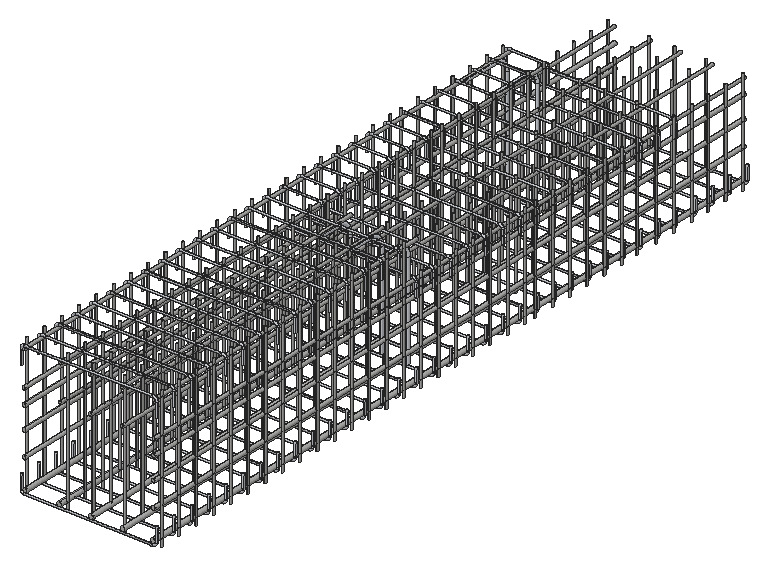
Revit family "261_Каркас пространственный КП4", category Обобщенные модели, Revit 2016 (continued)
Definition of nested family "261_Каркас плоский КР 30"
  Nested families
    nested 28: "361_Арматурная форма 1" at (3885, 500, 0) x (0, 1, 0) z (0, 0, 1), Орг.ИдентификацияЭлемента1 <- "Орг.ИдентификацияЭлемента1", Орг.ИдентификацияЭлемента <- "Орг.ИдентификацияЭлемента", Мрк.МаркаКонструкции <- "Мрк.МаркаКонструкции", Мрк.МаркаИзделия3 <- "Мрк.МаркаИзделия3", Мрк.МаркаИзделия2 <- "Мрк.МаркаИзделия2", Мрк.МаркаИзделия1 <- "Мрк.МаркаИзделия1", Мрк.МаркаИзделия <- "Мрк.МаркаИзделия", Орг.УровеньТекстовый <- "Орг.УровеньТекстовый", Орг.ОбознчТома(Комплекта) <- "Орг.ОбознчТома(Комплекта)", Орг.НомерЛистаЭлемента <- "Орг.НомерЛистаЭлемента", type "Параметрический"
      with Рзм.Длина 970 mm, Рзм.Диаметр 12 mm, Орг.УровеньТекстовый "", Орг.ОбознчТома(Комплекта) "", Орг.НомерЛистаЭлемента "", Орг.ИзделиеТипПодсчета 2, Орг.ИдентификацияЭлемента1 "", Орг.ИдентификацияЭлемента "", Мрк.Обозначение "ГОСТ 5781-82", Мрк.Наименование "Ø12 А240 ГОСТ 5781-82", Мрк.МаркаКонструкции "", Мрк.МаркаИзделия3 "", Мрк.МаркаИзделия2 "", Мрк.МаркаИзделия1 "", Мрк.МаркаИзделия "", Мрк.Марка "6", Арм.РазмерR 0 mm, Арм.РазмерJ 0 mm, Арм.РазмерG 0 mm, Арм.РазмерF 0 mm, Арм.РазмерE 0 mm, Арм.РазмерD 0 mm, Арм.РазмерC 0 mm, Арм.РазмерB 0 mm, Арм.РазмерA 970 mm, Арм.ПогМетрыВкл no, Арм.КоэфНахлеста 1, Арм.Класс 1240
    nested 29: "361_Арматурная форма 1" at (4035, 500, 0) x (0, 1, 0) z (0, 0, 1), Орг.ИдентификацияЭлемента1 <- "Орг.ИдентификацияЭлемента1", Орг.ИдентификацияЭлемента <- "Орг.ИдентификацияЭлемента", Мрк.МаркаКонструкции <- "Мрк.МаркаКонструкции", Мрк.МаркаИзделия3 <- "Мрк.МаркаИзделия3", Мрк.МаркаИзделия2 <- "Мрк.МаркаИзделия2", Мрк.МаркаИзделия1 <- "Мрк.МаркаИзделия1", Мрк.МаркаИзделия <- "Мрк.МаркаИзделия", Орг.УровеньТекстовый <- "Орг.УровеньТекстовый", Орг.ОбознчТома(Комплекта) <- "Орг.ОбознчТома(Комплекта)", Орг.НомерЛистаЭлемента <- "Орг.НомерЛистаЭлемента", type "Параметрический"
      with Рзм.Длина 970 mm, Рзм.Диаметр 12 mm, Орг.УровеньТекстовый "", Орг.ОбознчТома(Комплекта) "", Орг.НомерЛистаЭлемента "", Орг.ИзделиеТипПодсчета 2, Орг.ИдентификацияЭлемента1 "", Орг.ИдентификацияЭлемента "", Мрк.Обозначение "ГОСТ 5781-82", Мрк.Наименование "Ø12 А240 ГОСТ 5781-82", Мрк.МаркаКонструкции "", Мрк.МаркаИзделия3 "", Мрк.МаркаИзделия2 "", Мрк.МаркаИзделия1 "", Мрк.МаркаИзделия "", Мрк.Марка "6", Арм.РазмерR 0 mm, Арм.РазмерJ 0 mm, Арм.РазмерG 0 mm, Арм.РазмерF 0 mm, Арм.РазмерE 0 mm, Арм.РазмерD 0 mm, Арм.РазмерC 0 mm, Арм.РазмерB 0 mm, Арм.РазмерA 970 mm, Арм.ПогМетрыВкл no, Арм.КоэфНахлеста 1, Арм.Класс 1240
    nested 30: "361_Арматурная форма 1" at (4170, 500, 0) x (0, 1, 0) z (0, 0, 1), Орг.ИдентификацияЭлемента1 <- "Орг.ИдентификацияЭлемента1", Орг.ИдентификацияЭлемента <- "Орг.ИдентификацияЭлемента", Мрк.МаркаКонструкции <- "Мрк.МаркаКонструкции", Мрк.МаркаИзделия3 <- "Мрк.МаркаИзделия3", Мрк.МаркаИзделия2 <- "Мрк.МаркаИзделия2", Мрк.МаркаИзделия1 <- "Мрк.МаркаИзделия1", Мрк.МаркаИзделия <- "Мрк.МаркаИзделия", Орг.УровеньТекстовый <- "Орг.УровеньТекстовый", Орг.ОбознчТома(Комплекта) <- "Орг.ОбознчТома(Комплекта)", Орг.НомерЛистаЭлемента <- "Орг.НомерЛистаЭлемента", type "Параметрический"
      with Рзм.Длина 970 mm, Рзм.Диаметр 12 mm, Орг.УровеньТекстовый "", Орг.ОбознчТома(Комплекта) "", Орг.НомерЛистаЭлемента "", Орг.ИзделиеТипПодсчета 2, Орг.ИдентификацияЭлемента1 "", Орг.ИдентификацияЭлемента "", Мрк.Обозначение "ГОСТ 5781-82", Мрк.Наименование "Ø12 А240 ГОСТ 5781-82", Мрк.МаркаКонструкции "", Мрк.МаркаИзделия3 "", Мрк.МаркаИзделия2 "", Мрк.МаркаИзделия1 "", Мрк.МаркаИзделия "", Мрк.Марка "6", Арм.РазмерR 0 mm, Арм.РазмерJ 0 mm, Арм.РазмерG 0 mm, Арм.РазмерF 0 mm, Арм.РазмерE 0 mm, Арм.РазмерD 0 mm, Арм.РазмерC 0 mm, Арм.РазмерB 0 mm, Арм.РазмерA 970 mm, Арм.ПогМетрыВкл no, Арм.КоэфНахлеста 1, Арм.Класс 1240
    nested 31: "361_Арматурная форма 1" at (4335, 377.5, 0) x (0, 1, 0) z (0, 0, 1), Орг.ИдентификацияЭлемента1 <- "Орг.ИдентификацияЭлемента1", Орг.ИдентификацияЭлемента <- "Орг.ИдентификацияЭлемента", Мрк.МаркаКонструкции <- "Мрк.МаркаКонструкции", Мрк.МаркаИзделия3 <- "Мрк.МаркаИзделия3", Мрк.МаркаИзделия2 <- "Мрк.МаркаИзделия2", Мрк.МаркаИзделия1 <- "Мрк.МаркаИзделия1", Мрк.МаркаИзделия <- "Мрк.МаркаИзделия", Орг.УровеньТекстовый <- "Орг.УровеньТекстовый", Орг.ОбознчТома(Комплекта) <- "Орг.ОбознчТома(Комплекта)", Орг.НомерЛистаЭлемента <- "Орг.НомерЛистаЭлемента", type "Параметрический"
      with Рзм.Длина 725 mm, Рзм.Диаметр 12 mm, Орг.УровеньТекстовый "", Орг.ОбознчТома(Комплекта) "", Орг.НомерЛистаЭлемента "", Орг.ИзделиеТипПодсчета 2, Орг.ИдентификацияЭлемента1 "", Орг.ИдентификацияЭлемента "", Мрк.Обозначение "ГОСТ 5781-82", Мрк.Наименование "Ø12 А240 ГОСТ 5781-82", Мрк.МаркаКонструкции "", Мрк.МаркаИзделия3 "", Мрк.МаркаИзделия2 "", Мрк.МаркаИзделия1 "", Мрк.МаркаИзделия "", Мрк.Марка "5", Арм.РазмерR 0 mm, Арм.РазмерJ 0 mm, Арм.РазмерG 0 mm, Арм.РазмерF 0 mm, Арм.РазмерE 0 mm, Арм.РазмерD 0 mm, Арм.РазмерC 0 mm, Арм.РазмерB 0 mm, Арм.РазмерA 725 mm, Арм.ПогМетрыВкл no, Арм.КоэфНахлеста 1, Арм.Класс 1240
    nested 32: "361_Арматурная форма 1" at (4485, 377.5, 0) x (0, 1, 0) z (0, 0, 1), Орг.ИдентификацияЭлемента1 <- "Орг.ИдентификацияЭлемента1", Орг.ИдентификацияЭлемента <- "Орг.ИдентификацияЭлемента", Мрк.МаркаКонструкции <- "Мрк.МаркаКонструкции", Мрк.МаркаИзделия3 <- "Мрк.МаркаИзделия3", Мрк.МаркаИзделия2 <- "Мрк.МаркаИзделия2", Мрк.МаркаИзделия1 <- "Мрк.МаркаИзделия1", Мрк.МаркаИзделия <- "Мрк.МаркаИзделия", Орг.УровеньТекстовый <- "Орг.УровеньТекстовый", Орг.ОбознчТома(Комплекта) <- "Орг.ОбознчТома(Комплекта)", Орг.НомерЛистаЭлемента <- "Орг.НомерЛистаЭлемента", type "Параметрический"
      with Рзм.Длина 725 mm, Рзм.Диаметр 12 mm, Орг.УровеньТекстовый "", Орг.ОбознчТома(Комплекта) "", Орг.НомерЛистаЭлемента "", Орг.ИзделиеТипПодсчета 2, Орг.ИдентификацияЭлемента1 "", Орг.ИдентификацияЭлемента "", Мрк.Обозначение "ГОСТ 5781-82", Мрк.Наименование "Ø12 А240 ГОСТ 5781-82", Мрк.МаркаКонструкции "", Мрк.МаркаИзделия3 "", Мрк.МаркаИзделия2 "", Мрк.МаркаИзделия1 "", Мрк.МаркаИзделия "", Мрк.Марка "5", Арм.РазмерR 0 mm, Арм.РазмерJ 0 mm, Арм.РазмерG 0 mm, Арм.РазмерF 0 mm, Арм.РазмерE 0 mm, Арм.РазмерD 0 mm, Арм.РазмерC 0 mm, Арм.РазмерB 0 mm, Арм.РазмерA 725 mm, Арм.ПогМетрыВкл no, Арм.КоэфНахлеста 1, Арм.Класс 1240
    nested 33: "361_Арматурная форма 1" at (4645, 377.5, 0) x (0, 1, 0) z (0, 0, 1), Орг.ИдентификацияЭлемента1 <- "Орг.ИдентификацияЭлемента1", Орг.ИдентификацияЭлемента <- "Орг.ИдентификацияЭлемента", Мрк.МаркаКонструкции <- "Мрк.МаркаКонструкции", Мрк.МаркаИзделия3 <- "Мрк.МаркаИзделия3", Мрк.МаркаИзделия2 <- "Мрк.МаркаИзделия2", Мрк.МаркаИзделия1 <- "Мрк.МаркаИзделия1", Мрк.МаркаИзделия <- "Мрк.МаркаИзделия", Орг.УровеньТекстовый <- "Орг.УровеньТекстовый", Орг.ОбознчТома(Комплекта) <- "Орг.ОбознчТома(Комплекта)", Орг.НомерЛистаЭлемента <- "Орг.НомерЛистаЭлемента", type "Параметрический"
      with Рзм.Длина 725 mm, Рзм.Диаметр 12 mm, Орг.УровеньТекстовый "", Орг.ОбознчТома(Комплекта) "", Орг.НомерЛистаЭлемента "", Орг.ИзделиеТипПодсчета 2, Орг.ИдентификацияЭлемента1 "", Орг.ИдентификацияЭлемента "", Мрк.Обозначение "ГОСТ 5781-82", Мрк.Наименование "Ø12 А240 ГОСТ 5781-82", Мрк.МаркаКонструкции "", Мрк.МаркаИзделия3 "", Мрк.МаркаИзделия2 "", Мрк.МаркаИзделия1 "", Мрк.МаркаИзделия "", Мрк.Марка "5", Арм.РазмерR 0 mm, Арм.РазмерJ 0 mm, Арм.РазмерG 0 mm, Арм.РазмерF 0 mm, Арм.РазмерE 0 mm, Арм.РазмерD 0 mm, Арм.РазмерC 0 mm, Арм.РазмерB 0 mm, Арм.РазмерA 725 mm, Арм.ПогМетрыВкл no, Арм.КоэфНахлеста 1, Арм.Класс 1240
    nested 34: "361_Арматурная форма 1" at (4785, 377.5, 0) x (0, 1, 0) z (0, 0, 1), Орг.ИдентификацияЭлемента1 <- "Орг.ИдентификацияЭлемента1", Орг.ИдентификацияЭлемента <- "Орг.ИдентификацияЭлемента", Мрк.МаркаКонструкции <- "Мрк.МаркаКонструкции", Мрк.МаркаИзделия3 <- "Мрк.МаркаИзделия3", Мрк.МаркаИзделия2 <- "Мрк.МаркаИзделия2", Мрк.МаркаИзделия1 <- "Мрк.МаркаИзделия1", Мрк.МаркаИзделия <- "Мрк.МаркаИзделия", Орг.УровеньТекстовый <- "Орг.УровеньТекстовый", Орг.ОбознчТома(Комплекта) <- "Орг.ОбознчТома(Комплекта)", Орг.НомерЛистаЭлемента <- "Орг.НомерЛистаЭлемента", type "Параметрический"
      with Рзм.Длина 725 mm, Рзм.Диаметр 12 mm, Орг.УровеньТекстовый "", Орг.ОбознчТома(Комплекта) "", Орг.НомерЛистаЭлемента "", Орг.ИзделиеТипПодсчета 2, Орг.ИдентификацияЭлемента1 "", Орг.ИдентификацияЭлемента "", Мрк.Обозначение "ГОСТ 5781-82", Мрк.Наименование "Ø12 А240 ГОСТ 5781-82", Мрк.МаркаКонструкции "", Мрк.МаркаИзделия3 "", Мрк.МаркаИзделия2 "", Мрк.МаркаИзделия1 "", Мрк.МаркаИзделия "", Мрк.Марка "5", Арм.РазмерR 0 mm, Арм.РазмерJ 0 mm, Арм.РазмерG 0 mm, Арм.РазмерF 0 mm, Арм.РазмерE 0 mm, Арм.РазмерD 0 mm, Арм.РазмерC 0 mm, Арм.РазмерB 0 mm, Арм.РазмерA 725 mm, Арм.ПогМетрыВкл no, Арм.КоэфНахлеста 1, Арм.Класс 1240
    nested 35: "361_Арматурная форма 1" at (4935, 377.5, 0) x (0, 1, 0) z (0, 0, 1), Орг.ИдентификацияЭлемента1 <- "Орг.ИдентификацияЭлемента1", Орг.ИдентификацияЭлемента <- "Орг.ИдентификацияЭлемента", Мрк.МаркаКонструкции <- "Мрк.МаркаКонструкции", Мрк.МаркаИзделия3 <- "Мрк.МаркаИзделия3", Мрк.МаркаИзделия2 <- "Мрк.МаркаИзделия2", Мрк.МаркаИзделия1 <- "Мрк.МаркаИзделия1", Мрк.МаркаИзделия <- "Мрк.МаркаИзделия", Орг.УровеньТекстовый <- "Орг.УровеньТекстовый", Орг.ОбознчТома(Комплекта) <- "Орг.ОбознчТома(Комплекта)", Орг.НомерЛистаЭлемента <- "Орг.НомерЛистаЭлемента", type "Параметрический"
      with Рзм.Длина 725 mm, Рзм.Диаметр 12 mm, Орг.УровеньТекстовый "", Орг.ОбознчТома(Комплекта) "", Орг.НомерЛистаЭлемента "", Орг.ИзделиеТипПодсчета 2, Орг.ИдентификацияЭлемента1 "", Орг.ИдентификацияЭлемента "", Мрк.Обозначение "ГОСТ 5781-82", Мрк.Наименование "Ø12 А240 ГОСТ 5781-82", Мрк.МаркаКонструкции "", Мрк.МаркаИзделия3 "", Мрк.МаркаИзделия2 "", Мрк.МаркаИзделия1 "", Мрк.МаркаИзделия "", Мрк.Марка "5", Арм.РазмерR 0 mm, Арм.РазмерJ 0 mm, Арм.РазмерG 0 mm, Арм.РазмерF 0 mm, Арм.РазмерE 0 mm, Арм.РазмерD 0 mm, Арм.РазмерC 0 mm, Арм.РазмерB 0 mm, Арм.РазмерA 725 mm, Арм.ПогМетрыВкл no, Арм.КоэфНахлеста 1, Арм.Класс 1240
    nested 36: "361_Арматурная форма 1" at (5085, 377.5, 0) x (0, 1, 0) z (0, 0, 1), Орг.ИдентификацияЭлемента1 <- "Орг.ИдентификацияЭлемента1", Орг.ИдентификацияЭлемента <- "Орг.ИдентификацияЭлемента", Мрк.МаркаКонструкции <- "Мрк.МаркаКонструкции", Мрк.МаркаИзделия3 <- "Мрк.МаркаИзделия3", Мрк.МаркаИзделия2 <- "Мрк.МаркаИзделия2", Мрк.МаркаИзделия1 <- "Мрк.МаркаИзделия1", Мрк.МаркаИзделия <- "Мрк.МаркаИзделия", Орг.УровеньТекстовый <- "Орг.УровеньТекстовый", Орг.ОбознчТома(Комплекта) <- "Орг.ОбознчТома(Комплекта)", Орг.НомерЛистаЭлемента <- "Орг.НомерЛистаЭлемента", type "Параметрический"
      with Рзм.Длина 725 mm, Рзм.Диаметр 12 mm, Орг.УровеньТекстовый "", Орг.ОбознчТома(Комплекта) "", Орг.НомерЛистаЭлемента "", Орг.ИзделиеТипПодсчета 2, Орг.ИдентификацияЭлемента1 "", Орг.ИдентификацияЭлемента "", Мрк.Обозначение "ГОСТ 5781-82", Мрк.Наименование "Ø12 А240 ГОСТ 5781-82", Мрк.МаркаКонструкции "", Мрк.МаркаИзделия3 "", Мрк.МаркаИзделия2 "", Мрк.МаркаИзделия1 "", Мрк.МаркаИзделия "", Мрк.Марка "5", Арм.РазмерR 0 mm, Арм.РазмерJ 0 mm, Арм.РазмерG 0 mm, Арм.РазмерF 0 mm, Арм.РазмерE 0 mm, Арм.РазмерD 0 mm, Арм.РазмерC 0 mm, Арм.РазмерB 0 mm, Арм.РазмерA 725 mm, Арм.ПогМетрыВкл no, Арм.КоэфНахлеста 1, Арм.Класс 1240
    nested 37: "361_Арматурная форма 1" at (2112.5, 940, -16) x (-1, 0, 0) z (0, 0, 1), Орг.ИдентификацияЭлемента1 <- "Орг.ИдентификацияЭлемента1", Орг.ИдентификацияЭлемента <- "Орг.ИдентификацияЭлемента", Мрк.МаркаКонструкции <- "Мрк.МаркаКонструкции", Мрк.МаркаИзделия3 <- "Мрк.МаркаИзделия3", Мрк.МаркаИзделия2 <- "Мрк.МаркаИзделия2", Мрк.МаркаИзделия1 <- "Мрк.МаркаИзделия1", Мрк.МаркаИзделия <- "Мрк.МаркаИзделия", Орг.УровеньТекстовый <- "Орг.УровеньТекстовый", Орг.ОбознчТома(Комплекта) <- "Орг.ОбознчТома(Комплекта)", Орг.НомерЛистаЭлемента <- "Орг.НомерЛистаЭлемента", type "Параметрический"
      with Рзм.Длина 4225 mm, Рзм.Диаметр 20 mm, Орг.УровеньТекстовый "", Орг.ОбознчТома(Комплекта) "", Орг.НомерЛистаЭлемента "", Орг.ИзделиеТипПодсчета 2, Орг.ИдентификацияЭлемента1 "", Орг.ИдентификацияЭлемента "", Мрк.Обозначение "ГОСТ 5781-82", Мрк.Наименование "Ø20 А240 ГОСТ 5781-82", Мрк.МаркаКонструкции "", Мрк.МаркаИзделия3 "", Мрк.МаркаИзделия2 "", Мрк.МаркаИзделия1 "", Мрк.МаркаИзделия "", Мрк.Марка "4", Арм.РазмерR 0 mm, Арм.РазмерJ 0 mm, Арм.РазмерG 0 mm, Арм.РазмерF 0 mm, Арм.РазмерE 0 mm, Арм.РазмерD 0 mm, Арм.РазмерC 0 mm, Арм.РазмерB 0 mm, Арм.РазмерA 4225 mm, Арм.ПогМетрыВкл no, Арм.КоэфНахлеста 1, Арм.Класс 1240
    nested 38: "361_Арматурная форма 1" at (125, 500, 0) x (-1, 0, 0) z (0, 0, 1), type "Параметрический", not visible
      with Рзм.Длина 4225 mm, Рзм.Диаметр 10 mm, Орг.УровеньТекстовый "", Орг.ОбознчТома(Комплекта) "", Орг.НомерЛистаЭлемента "", Орг.ИзделиеТипПодсчета 1, Орг.ИдентификацияЭлемента1 "", Орг.ИдентификацияЭлемента "", Мрк.Обозначение "ГОСТ 5781-82", Мрк.Наименование "Ø10 А240 ГОСТ 5781-82", Мрк.МаркаКонструкции "", Мрк.МаркаИзделия3 "", Мрк.МаркаИзделия2 "", Мрк.МаркаИзделия1 "", Мрк.МаркаИзделия "", Мрк.Марка "", Арм.РазмерR 0 mm, Арм.РазмерJ 0 mm, Арм.РазмерG 0 mm, Арм.РазмерF 0 mm, Арм.РазмерE 0 mm, Арм.РазмерD 0 mm, Арм.РазмерC 0 mm, Арм.РазмерB 0 mm, Арм.РазмерA 4225 mm, Арм.ПогМетрыВкл no, Арм.КоэфНахлеста 1, Арм.Класс 1240
    nested 39: "361_Арматурная форма 1" at (2560, 695, -16) x (-1, 0, 0) z (0, 0, 1), Орг.ИдентификацияЭлемента1 <- "Орг.ИдентификацияЭлемента1", Орг.ИдентификацияЭлемента <- "Орг.ИдентификацияЭлемента", Мрк.МаркаКонструкции <- "Мрк.МаркаКонструкции", Мрк.МаркаИзделия3 <- "Мрк.МаркаИзделия3", Мрк.МаркаИзделия2 <- "Мрк.МаркаИзделия2", Мрк.МаркаИзделия1 <- "Мрк.МаркаИзделия1", Мрк.МаркаИзделия <- "Мрк.МаркаИзделия", Орг.УровеньТекстовый <- "Орг.УровеньТекстовый", Орг.ОбознчТома(Комплекта) <- "Орг.ОбознчТома(Комплекта)", Орг.НомерЛистаЭлемента <- "Орг.НомерЛистаЭлемента", type "Параметрический"
      with Рзм.Длина 5120 mm, Рзм.Диаметр 20 mm, Орг.УровеньТекстовый "", Орг.ОбознчТома(Комплекта) "", Орг.НомерЛистаЭлемента "", Орг.ИзделиеТипПодсчета 2, Орг.ИдентификацияЭлемента1 "", Орг.ИдентификацияЭлемента "", Мрк.Обозначение "ГОСТ 5781-82", Мрк.Наименование "Ø20 А240 ГОСТ 5781-82", Мрк.МаркаКонструкции "", Мрк.МаркаИзделия3 "", Мрк.МаркаИзделия2 "", Мрк.МаркаИзделия1 "", Мрк.МаркаИзделия "", Мрк.Марка "3", Арм.РазмерR 0 mm, Арм.РазмерJ 0 mm, Арм.РазмерG 0 mm, Арм.РазмерF 0 mm, Арм.РазмерE 0 mm, Арм.РазмерD 0 mm, Арм.РазмерC 0 mm, Арм.РазмерB 0 mm, Арм.РазмерA 5120 mm, Арм.ПогМетрыВкл no, Арм.КоэфНахлеста 1, Арм.Класс 1240
    nested 40: "361_Арматурная форма 1" at (2560, 60, -22) x (-1, 0, 0) z (0, 0, 1), Орг.ИдентификацияЭлемента1 <- "Орг.ИдентификацияЭлемента1", Орг.ИдентификацияЭлемента <- "Орг.ИдентификацияЭлемента", Мрк.МаркаКонструкции <- "Мрк.МаркаКонструкции", Мрк.МаркаИзделия3 <- "Мрк.МаркаИзделия3", Мрк.МаркаИзделия2 <- "Мрк.МаркаИзделия2", Мрк.МаркаИзделия1 <- "Мрк.МаркаИзделия1", Мрк.МаркаИзделия <- "Мрк.МаркаИзделия", Орг.УровеньТекстовый <- "Орг.УровеньТекстовый", Орг.ОбознчТома(Комплекта) <- "Орг.ОбознчТома(Комплекта)", Орг.НомерЛистаЭлемента <- "Орг.НомерЛистаЭлемента", type "Параметрический"
      with Рзм.Длина 5120 mm, Рзм.Диаметр 32 mm, Орг.УровеньТекстовый "", Орг.ОбознчТома(Комплекта) "", Орг.НомерЛистаЭлемента "", Орг.ИзделиеТипПодсчета 2, Орг.ИдентификацияЭлемента1 "", Орг.ИдентификацияЭлемента "", Мрк.Обозначение "ГОСТ 5781-82", Мрк.Наименование "Арматура не специфицирована", Мрк.МаркаКонструкции "", Мрк.МаркаИзделия3 "", Мрк.МаркаИзделия2 "", Мрк.МаркаИзделия1 "", Мрк.МаркаИзделия "", Мрк.Марка "1", Арм.РазмерR 0 mm, Арм.РазмерJ 0 mm, Арм.РазмерG 0 mm, Арм.РазмерF 0 mm, Арм.РазмерE 0 mm, Арм.РазмерD 0 mm, Арм.РазмерC 0 mm, Арм.РазмерB 0 mm, Арм.РазмерA 5120 mm, Арм.ПогМетрыВкл no, Арм.КоэфНахлеста 1, Арм.Класс 1240
  Definition of nested family "361_Арматурная форма 1"
    Parameters (values of type "Параметрический")
      Рзм.Длина [instance] = Арм.РазмерA  # 495 mm
      Рзм.Диаметр [instance] = 10 mm
      Default Elevation = 100 mm
      Орг.УровеньТекстовый [instance] = ""
      Орг.ОбознчТома(Комплекта) [instance] = ""
      Орг.НомерЛистаЭлемента [instance] = ""
      Орг.ИзделиеТипПодсчета [instance] = 1
      Орг.ИдентификацияЭлемента1 [instance] = ""
      Орг.ИдентификацияЭлемента [instance] = ""
      Мсв.Количество = 1  # constant formula
      Мрк.Обозначение [instance] = if(Арм.Класс = 1240, "ГОСТ 5781-82", if(Арм.Класс = 1400, "ГОСТ 5781-82", if(Арм.Класс = 150019, " ГОСТ Р 52544-2006", if(Арм.Класс = 160019, " СТО АСЧМ 7-93", "Арматура не специфицирована"))))  # "ГОСТ 5781-82"
      Мрк.Наименование [instance] = if(and(Арм.Класс = 1240, Рзм.Диаметр = 6 mm), "Ø6 А240 ГОСТ 5781-82", if(and(Арм.Класс = 1240, Рзм.Диаметр = 8 mm), "Ø8 А240 ГОСТ 5781-82", if(and(Арм.Класс = 1240, Рзм.Диаметр = 10 mm), "Ø10 А240 ГОСТ 5781-82", if(and(Арм.Класс = 1240, Рзм.Диаметр = 12 mm), "Ø12 А240 ГОСТ 5781-82", if(and(Арм.Класс = 1240, Рзм.Диаметр = 14 mm), "Ø14 А240 ГОСТ 5781-82", if(and(Арм.Класс = 1240, Рзм.Диаметр = 16 mm), "Ø16 А240 ГОСТ 5781-82", if(and(Арм.Класс = 1240, Рзм.Диаметр = 18 mm), "Ø18 А240 ГОСТ 5781-82", if(and(Арм.Класс = 1240, Рзм.Диаметр = 20 mm), "Ø20 А240 ГОСТ 5781-82", if(and(Арм.Класс = 1400, Рзм.Диаметр = 6 mm), "Ø6 А400 ГОСТ 5781-82", if(and(Арм.Класс = 1400, Рзм.Диаметр = 8 mm), "Ø8 А400 ГОСТ 5781-82", if(and(Арм.Класс = 1400, Рзм.Диаметр = 10 mm), "Ø10 А400 ГОСТ 5781-82", if(and(Арм.Класс = 1400, Рзм.Диаметр = 12 mm), "Ø12 А400 ГОСТ 5781-82", if(and(Арм.Класс = 1400, Рзм.Диаметр = 14 mm), "Ø14 А400 ГОСТ 5781-82", if(and(Арм.Класс = 1400, Рзм.Диаметр = 16 mm), "Ø16 А400 ГОСТ 5781-82", if(and(Арм.Класс = 1400, Рзм.Диаметр = 18 mm), "Ø18 А400 ГОСТ 5781-82", if(and(Арм.Класс = 1400, Рзм.Диаметр = 20 mm), "Ø20 А400 ГОСТ 5781-82", if(and(Арм.Класс = 1400, Рзм.Диаметр = 22 mm), "Ø22 А400 ГОСТ 5781-82", if(and(Арм.Класс = 1400, Рзм.Диаметр = 25 mm), "Ø25 А400 ГОСТ 5781-82", if(and(Арм.Класс = 1400, Рзм.Диаметр = 28 mm), "Ø28 А400 ГОСТ 5781-82", if(and(Арм.Класс = 1400, Рзм.Диаметр = 32 mm), "Ø32 А400 ГОСТ 5781-82", if(and(Арм.Класс = 1400, Рзм.Диаметр = 36 mm), "Ø36 А400 ГОСТ 5781-82", if(and(Арм.Класс = 1400, Рзм.Диаметр = 40 mm), "Ø40 А400 ГОСТ 5781-82", if(and(Арм.Класс = 150019, Рзм.Диаметр = 10 mm), "Ø10 А500С ГОСТ Р 52544-2006", if(and(Арм.Класс = 150019, Рзм.Диаметр = 12 mm), "Ø12 А500С ГОСТ Р 52544-2006", if(and(Арм.Класс = 150019, Рзм.Диаметр = 14 mm), "Ø14 А500С ГОСТ Р 52544-2006", if(and(Арм.Класс = 150019, Рзм.Диаметр = 16 mm), "Ø16 А500С ГОСТ Р 52544-2006", if(and(Арм.Класс = 150019, Рзм.Диаметр = 18 mm), "Ø18 А500С ГОСТ Р 52544-2006", if(and(Арм.Класс = 150019, Рзм.Диаметр = 20 mm), "Ø20 А500С ГОСТ Р 52544-2006", if(and(Арм.Класс = 150019, Рзм.Диаметр = 22 mm), "Ø22 А500С ГОСТ Р 52544-2006", if(and(Арм.Класс = 150019, Рзм.Диаметр = 25 mm), "Ø25 А500С ГОСТ Р 52544-2006", if(and(Арм.Класс = 150019, Рзм.Диаметр = 28 mm), "Ø28 А500С ГОСТ Р 52544-2006", if(and(Арм.Класс = 150019, Рзм.Диаметр = 32 mm), "Ø32 А500С ГОСТ Р 52544-2006", if(and(Арм.Класс = 150019, Рзм.Диаметр = 36 mm), "Ø36 А500С ГОСТ Р 52544-2006", if(and(Арм.Класс = 150019, Рзм.Диаметр = 40 mm), "Ø40 А500С ГОСТ Р 52544-2006", if(and(Арм.Класс = 160019, Рзм.Диаметр = 10 mm), "Ø10 А600С СТО АСЧМ 7-93", if(and(Арм.Класс = 160019, Рзм.Диаметр = 12 mm), "Ø12 А600С СТО АСЧМ 7-93", if(and(Арм.Класс = 160019, Рзм.Диаметр = 14 mm), "Ø14 А600С СТО АСЧМ 7-93", if(and(Арм.Класс = 160019, Рзм.Диаметр = 16 mm), "Ø16 А600С СТО АСЧМ 7-93", if(and(Арм.Класс = 160019, Рзм.Диаметр = 18 mm), "Ø18 А600С СТО АСЧМ 7-93", if(and(Арм.Класс = 160019, Рзм.Диаметр = 20 mm), "Ø20 А600С СТО АСЧМ 7-93", if(and(Арм.Класс = 160019, Рзм.Диаметр = 22 mm), "Ø22 А600С СТО АСЧМ 7-93", if(and(Арм.Класс = 160019, Рзм.Диаметр = 25 mm), "Ø25 А600С СТО АСЧМ 7-93", if(and(Арм.Класс = 160019, Рзм.Диаметр = 28 mm), "Ø28 А600С СТО АСЧМ 7-93", if(and(Арм.Класс = 160019, Рзм.Диаметр = 32 mm), "Ø32 А600С СТО АСЧМ 7-93", if(and(Арм.Класс = 160019, Рзм.Диаметр = 36 mm), "Ø36 А600С СТО АСЧМ 7-93", if(and(Арм.Класс = 160019, Рзм.Диаметр = 40 mm), "Ø40 А600С СТО АСЧМ 7-93", "Арматура не специфицирована"))))))))))))))))))))))))))))))))))))))))))))))  # "Ø10 А240 ГОСТ 5781-82"
      Мрк.МаркаКонструкции [instance] = ""
      Мрк.МаркаИзделия3 [instance] = ""
      Мрк.МаркаИзделия2 [instance] = ""
      Мрк.МаркаИзделия1 [instance] = ""
      Мрк.МаркаИзделия [instance] = ""
      Мрк.Марка [instance] = ""
      Type Comments = ""
      Арм.РазмерR [instance] = 0 mm
      Арм.РазмерJ [instance] = 0 mm
      Арм.РазмерG [instance] = 0 mm
      Арм.РазмерF [instance] = 0 mm
      Арм.РазмерE [instance] = 0 mm
      Арм.РазмерD [instance] = 0 mm
      Арм.РазмерC [instance] = 0 mm
      Арм.РазмерB [instance] = 0 mm
      Арм.РазмерA [instance] = 495 mm
      Арм.ПогМетрыВкл [instance] = no
      Арм.КоэфНахлеста [instance] = 1
      Арм.Класс [instance] = 1240
      Арм.ВыполненаСемейством = 1 = 1  # yes
    Reference planes
      plane 1 "Вперед/Назад": y = 0
      plane 2 "Опорный уровень": z = 0
      plane 3: x = 0
      plane 4 "Правая": x = 247.5
      plane 5 "Левая": x = -247.5
    Forms (mm)
      Sweep 1, solid, detail levels medium+fine
        path origin (0, 0, 0) x (1, 0, 0) y (0, 1, 0)
          loop
            line (-247.5, 0) -> (247.5, 0)
        profile origin (0, 0, 0) x (0, 1, 0) y (0, 0, 1)
          loop
            circle (0, 0) r 5
    Dimensions and locks
      "Арм.РазмерA": plane 5 "Левая" to plane 4 "Правая"
      equal spacing: plane 5 "Левая", plane 3, plane 4 "Правая"
      "Рзм.Диаметр": diameter of Sweep 1 sketch curve
      aligned and locked: plane 4 "Правая" to Sweep 1 sketch curve
      aligned and locked: plane 1 "Вперед/Назад" to Sweep 1 sketch curve
      aligned and locked: plane 5 "Левая" to Sweep 1 sketch curve
    Automatic sketch dimensions
      Sweep 1 sketch curve to level = 0 mm
      Sweep 1 sketch curve to profile plane = 0 mm
    Nested families
      nested 1: "Разрез сетржня" at (0, 0, 0) x (0, -1, 0) z (1, 0, 0), type "Разрез сетржня", detail levels medium+fine
        with Диаметр 10 mm
    Definition of nested family "Разрез сетржня"
      Parameters (values of type "Разрез сетржня")
        Диаметр = 600 mm
      Reference planes
        plane 1 "По центру (Вперед/Назад)": y = 0
        plane 2: z = 0
        plane 3 "По центру (Влево/Вправо)": x = 0
      Lines and regions (mm)
        Filled region 1, type "Сплошная заливка - Черный", in view "Опорный уровень"
          outline origin (0, 0, 0) x (1, 0, 0) y (0, 1, 0)
            loop
              circle (0, 0) r 300
        detail lines, in view "Опорный уровень"
          curve 1: circle (0, 0, 0) r 300 normal (0, 0, 1)
      Dimensions and locks
        "Диаметр": diameter of curve 1
        aligned and locked: Filled region 1 sketch curve to curve 1
      Automatic sketch dimensions
        plane 1 "По центру (Вперед/Назад)" to curve 1 = 0 mm
        curve 1 to plane 3 "По центру (Влево/Вправо)" = 0 mm
  Definition of nested family "361_Арматурная форма 2"
    Parameters (values of type "Параметрический")
      Рзм.РасчетныйРадиус [instance] = Арм.РазмерR + Рзм.Диаметр / 2  # 105 mm
      Рзм.Длина [instance] = Арм.РазмерA + Арм.РазмерB - 2 * (Арм.РазмерR * tan(90.00° / 2)) + ((Арм.РазмерR * pi() * 90.00°) / 180.00°)  # 972.08 mm
      Рзм.Диаметр [instance] = 10 mm
      Default Elevation = 1219.2 mm
      Орг.УровеньТекстовый [instance] = ""
      Орг.ОбознчТома(Комплекта) [instance] = ""
      Орг.НомерЛистаЭлемента [instance] = ""
      Орг.ИзделиеТипПодсчета [instance] = 0
      Орг.ИдентификацияЭлемента2 [instance] = ""
      Орг.ИдентификацияЭлемента1 [instance] = ""
      Орг.ИдентификацияЭлемента [instance] = ""
      Мсв.Количество [instance] = 1  # constant formula
      Мрк.Обозначение [instance] = if(Арм.Класс = 1240, "ГОСТ 5781-82", if(Арм.Класс = 1400, "ГОСТ 5781-82", if(Арм.Класс = 150019, " ГОСТ Р 52544-2006", if(Арм.Класс = 160019, " СТО АСЧМ 7-93", "Арматура не специфицирована"))))  # "ГОСТ 5781-82"
      Мрк.Наименование [instance] = if(and(Арм.Класс = 1240, Рзм.Диаметр = 6 mm), "Ø6 А240 ГОСТ 5781-82", if(and(Арм.Класс = 1240, Рзм.Диаметр = 8 mm), "Ø8 А240 ГОСТ 5781-82", if(and(Арм.Класс = 1240, Рзм.Диаметр = 10 mm), "Ø10 А240 ГОСТ 5781-82", if(and(Арм.Класс = 1240, Рзм.Диаметр = 12 mm), "Ø12 А240 ГОСТ 5781-82", if(and(Арм.Класс = 1240, Рзм.Диаметр = 14 mm), "Ø14 А240 ГОСТ 5781-82", if(and(Арм.Класс = 1240, Рзм.Диаметр = 16 mm), "Ø16 А240 ГОСТ 5781-82", if(and(Арм.Класс = 1240, Рзм.Диаметр = 18 mm), "Ø18 А240 ГОСТ 5781-82", if(and(Арм.Класс = 1240, Рзм.Диаметр = 20 mm), "Ø20 А240 ГОСТ 5781-82", if(and(Арм.Класс = 1400, Рзм.Диаметр = 6 mm), "Ø6 А400 ГОСТ 5781-82", if(and(Арм.Класс = 1400, Рзм.Диаметр = 8 mm), "Ø8 А400 ГОСТ 5781-82", if(and(Арм.Класс = 1400, Рзм.Диаметр = 10 mm), "Ø10 А400 ГОСТ 5781-82", if(and(Арм.Класс = 1400, Рзм.Диаметр = 12 mm), "Ø12 А400 ГОСТ 5781-82", if(and(Арм.Класс = 1400, Рзм.Диаметр = 14 mm), "Ø14 А400 ГОСТ 5781-82", if(and(Арм.Класс = 1400, Рзм.Диаметр = 16 mm), "Ø16 А400 ГОСТ 5781-82", if(and(Арм.Класс = 1400, Рзм.Диаметр = 18 mm), "Ø18 А400 ГОСТ 5781-82", if(and(Арм.Класс = 1400, Рзм.Диаметр = 20 mm), "Ø20 А400 ГОСТ 5781-82", if(and(Арм.Класс = 1400, Рзм.Диаметр = 22 mm), "Ø22 А400 ГОСТ 5781-82", if(and(Арм.Класс = 1400, Рзм.Диаметр = 25 mm), "Ø25 А400 ГОСТ 5781-82", if(and(Арм.Класс = 1400, Рзм.Диаметр = 28 mm), "Ø28 А400 ГОСТ 5781-82", if(and(Арм.Класс = 1400, Рзм.Диаметр = 32 mm), "Ø32 А400 ГОСТ 5781-82", if(and(Арм.Класс = 1400, Рзм.Диаметр = 36 mm), "Ø36 А400 ГОСТ 5781-82", if(and(Арм.Класс = 1400, Рзм.Диаметр = 40 mm), "Ø40 А400 ГОСТ 5781-82", if(and(Арм.Класс = 150019, Рзм.Диаметр = 10 mm), "Ø10 А500С ГОСТ Р 52544-2006", if(and(Арм.Класс = 150019, Рзм.Диаметр = 12 mm), "Ø12 А500С ГОСТ Р 52544-2006", if(and(Арм.Класс = 150019, Рзм.Диаметр = 14 mm), "Ø14 А500С ГОСТ Р 52544-2006", if(and(Арм.Класс = 150019, Рзм.Диаметр = 16 mm), "Ø16 А500С ГОСТ Р 52544-2006", if(and(Арм.Класс = 150019, Рзм.Диаметр = 18 mm), "Ø18 А500С ГОСТ Р 52544-2006", if(and(Арм.Класс = 150019, Рзм.Диаметр = 20 mm), "Ø20 А500С ГОСТ Р 52544-2006", if(and(Арм.Класс = 150019, Рзм.Диаметр = 22 mm), "Ø22 А500С ГОСТ Р 52544-2006", if(and(Арм.Класс = 150019, Рзм.Диаметр = 25 mm), "Ø25 А500С ГОСТ Р 52544-2006", if(and(Арм.Класс = 150019, Рзм.Диаметр = 28 mm), "Ø28 А500С ГОСТ Р 52544-2006", if(and(Арм.Класс = 150019, Рзм.Диаметр = 32 mm), "Ø32 А500С ГОСТ Р 52544-2006", if(and(Арм.Класс = 150019, Рзм.Диаметр = 36 mm), "Ø36 А500С ГОСТ Р 52544-2006", if(and(Арм.Класс = 150019, Рзм.Диаметр = 40 mm), "Ø40 А500С ГОСТ Р 52544-2006", if(and(Арм.Класс = 160019, Рзм.Диаметр = 10 mm), "Ø10 А600С СТО АСЧМ 7-93", if(and(Арм.Класс = 160019, Рзм.Диаметр = 12 mm), "Ø12 А600С СТО АСЧМ 7-93", if(and(Арм.Класс = 160019, Рзм.Диаметр = 14 mm), "Ø14 А600С СТО АСЧМ 7-93", if(and(Арм.Класс = 160019, Рзм.Диаметр = 16 mm), "Ø16 А600С СТО АСЧМ 7-93", if(and(Арм.Класс = 160019, Рзм.Диаметр = 18 mm), "Ø18 А600С СТО АСЧМ 7-93", if(and(Арм.Класс = 160019, Рзм.Диаметр = 20 mm), "Ø20 А600С СТО АСЧМ 7-93", if(and(Арм.Класс = 160019, Рзм.Диаметр = 22 mm), "Ø22 А600С СТО АСЧМ 7-93", if(and(Арм.Класс = 160019, Рзм.Диаметр = 25 mm), "Ø25 А600С СТО АСЧМ 7-93", if(and(Арм.Класс = 160019, Рзм.Диаметр = 28 mm), "Ø28 А600С СТО АСЧМ 7-93", if(and(Арм.Класс = 160019, Рзм.Диаметр = 32 mm), "Ø32 А600С СТО АСЧМ 7-93", if(and(Арм.Класс = 160019, Рзм.Диаметр = 36 mm), "Ø36 А600С СТО АСЧМ 7-93", if(and(Арм.Класс = 160019, Рзм.Диаметр = 40 mm), "Ø40 А600С СТО АСЧМ 7-93", "Арматура не специфицирована"))))))))))))))))))))))))))))))))))))))))))))))  # "Ø10 А240 ГОСТ 5781-82"
      Мрк.МаркаКонструкции [instance] = ""
      Мрк.МаркаИзделия3 [instance] = ""
      Мрк.МаркаИзделия2 [instance] = ""
      Мрк.МаркаИзделия1 [instance] = ""
      Мрк.МаркаИзделия [instance] = ""
      Мрк.Марка [instance] = ""
      Type Comments = ""
      Арм.ЭскизФормы = 0
      Арм.РазмерR [instance] = 100 mm
      Арм.РазмерJ [instance] = 0 mm
      Арм.РазмерG [instance] = 0 mm
      Арм.РазмерF [instance] = 0 mm
      Арм.РазмерE [instance] = 0 mm
      Арм.РазмерD [instance] = 0 mm
      Арм.РазмерC [instance] = 0 mm
      Арм.РазмерB [instance] = 520 mm
      Арм.РазмерA [instance] = 495 mm
      Арм.ПогМетрыВкл [instance] = no
      Арм.КоэфНахлеста [instance] = 1
      Арм.Класс [instance] = 1240
      Арм.ВыполненаСемейством = 1 = 1  # yes
    Reference planes
      plane 1 "Спереди": y = 0
      plane 2: z = 0
      plane 3 "Лево/Право": x = 0
      plane 4: x = 260
      plane 5: x = -260
      plane 6: y = -495
      plane 7: z = -5
      plane 8: z = 5
      plane 9: x = -265
      plane 10: x = -255
      plane 11: y = -5
      plane 12: y = 5
    Forms (mm)
      Sweep 1, solid, detail levels medium+fine
        path origin (0, 0, 0) x (1, 0, 0) y (0, 1, 0)
          loop
            line (-260, -495) -> (-260, -105)
            arc (-260, -105) -> (-229.246, -30.754) -> (-155, 0) r 105
            line (-155, 0) -> (260, 0)
        profile origin (-260, -300, 0) x (-1, 0, 0) y (0, 0, 1)
          loop
            circle (0, 0) r 5
    Dimensions and locks
      equal spacing: plane 5, plane 3 "Лево/Право", plane 4
      "Арм.РазмерA": plane 6 to plane 1 "Спереди"
      "Арм.РазмерB": plane 5 to plane 4
      equal spacing: plane 8, plane 2, plane 7
      "Рзм.Диаметр": plane 8 to plane 7
      equal spacing: plane 9, plane 5, plane 10
      "Рзм.Диаметр": plane 9 to plane 10
      equal spacing: plane 11, plane 1 "Спереди", plane 12
      "Рзм.Диаметр": plane 12 to plane 11
      "Рзм.Диаметр": diameter of Sweep 1 sketch curve
      "Рзм.РасчетныйРадиус": radius of Sweep 1 sketch curve
      aligned and locked: plane 6 to Sweep 1 sketch curve
      aligned and locked: plane 5 to nested 1
      aligned and locked: nested 1 to plane 2
      aligned and locked: plane 1 "Спереди" to nested 2
      aligned and locked: plane 2 to nested 2
      aligned and locked: plane 4 to Sweep 1 sketch curve
      aligned and locked: Sweep 1 sketch curve to plane 5
      aligned and locked: plane 1 "Спереди" to Sweep 1 sketch curve
    Automatic sketch dimensions
      Sweep 1 sketch curve to level = 0 mm
      Sweep 1 sketch curve to profile plane = 0 mm
    Nested families
      nested 1: "Разрез сетржня" at (-260, 0, 0) x (1, 0, 0) z (0, -1, 0), type "Разрез сетржня", detail levels medium+fine
        with Диаметр 10 mm
      nested 2: "Разрез сетржня" at (0, 0, 0) x (0, -1, 0) z (1, 0, 0), type "Разрез сетржня", detail levels medium+fine
        with Диаметр 10 mm
    Definition of nested family "Разрез сетржня"
      Parameters (values of type "Разрез сетржня")
        Диаметр = 600 mm
      Reference planes
        plane 1 "По центру (Вперед/Назад)": y = 0
        plane 2: z = 0
        plane 3 "По центру (Влево/Вправо)": x = 0
      Lines and regions (mm)
        Filled region 1, type "Сплошная заливка - Черный", in view "Опорный уровень"
          outline origin (0, 0, 0) x (1, 0, 0) y (0, 1, 0)
            loop
              circle (0, 0) r 300
        detail lines, in view "Опорный уровень"
          curve 1: circle (0, 0, 0) r 300 normal (0, 0, 1)
      Dimensions and locks
        "Диаметр": diameter of curve 1
        aligned and locked: Filled region 1 sketch curve to curve 1
      Automatic sketch dimensions
        plane 1 "По центру (Вперед/Назад)" to curve 1 = 0 mm
        curve 1 to plane 3 "По центру (Влево/Вправо)" = 0 mm
Definition of nested family "261_Каркас плоский КР 31"
  Parameters (values of type "261_Каркас плоский КР 31")
    Default Elevation = 1219.2 mm
    Орг.УровеньТекстовый [instance] = ""
    Орг.ОбознчТома(Комплекта) [instance] = ""
    Орг.НомерЛистаЭлемента [instance] = ""
    Орг.МассаИзделия = 0
    Орг.ИзделиеТипПодсчета [instance] = 0
    Орг.ИдентификацияЭлемента2 [instance] = ""
    Орг.ИдентификацияЭлемента1 [instance] = ""
    Орг.ИдентификацияЭлемента [instance] = ""
    Мрк.Обозначение [instance] = ""
    Мрк.Наименование [instance] = "Каркас плоский КР 31"
    Мрк.МаркаКонструкции [instance] = ""
    Мрк.МаркаИзделия3 [instance] = ""
    Мрк.МаркаИзделия2 [instance] = ""
    Мрк.МаркаИзделия1 [instance] = ""
    Мрк.МаркаИзделия [instance] = ""
    Мрк.Марка [instance] = "КР 31"
  Reference planes
    plane 1 "По центру (Вперед/Назад)": y = 0
    plane 2: z = 0
    plane 3 "По центру (Влево/Вправо)": x = 0
    plane 4: y = 1000
    plane 5: x = 5120
    plane 6 "Гнутый стержень": z = 26
  Dimensions and locks
    plane 3 "По центру (Влево/Вправо)" to plane 5 = 5120 mm
    plane 4 to plane 1 "По центру (Вперед/Назад)" = 1000 mm
    aligned and locked: level to plane 2
  Nested families
    nested 1: "361_Арматурная форма 1" at (45, 500, 0) x (0, 1, 0) z (0, 0, 1), Орг.ИдентификацияЭлемента1 <- "Орг.ИдентификацияЭлемента1", Орг.ИдентификацияЭлемента <- "Орг.ИдентификацияЭлемента", Мрк.МаркаКонструкции <- "Мрк.МаркаКонструкции", Мрк.МаркаИзделия3 <- "Мрк.МаркаИзделия3", Мрк.МаркаИзделия2 <- "Мрк.МаркаИзделия2", Мрк.МаркаИзделия1 <- "Мрк.МаркаИзделия1", Мрк.МаркаИзделия <- "Мрк.МаркаИзделия", Орг.УровеньТекстовый <- "Орг.УровеньТекстовый", Орг.ОбознчТома(Комплекта) <- "Орг.ОбознчТома(Комплекта)", Орг.НомерЛистаЭлемента <- "Орг.НомерЛистаЭлемента", type "Параметрический"
      with Рзм.Длина 970 mm, Рзм.Диаметр 12 mm, Орг.УровеньТекстовый "", Орг.ОбознчТома(Комплекта) "", Орг.НомерЛистаЭлемента "", Орг.ИзделиеТипПодсчета 2, Орг.ИдентификацияЭлемента1 "", Орг.ИдентификацияЭлемента "", Мрк.Обозначение "ГОСТ 5781-82", Мрк.Наименование "Ø12 А240 ГОСТ 5781-82", Мрк.МаркаКонструкции "", Мрк.МаркаИзделия3 "", Мрк.МаркаИзделия2 "", Мрк.МаркаИзделия1 "", Мрк.МаркаИзделия "", Мрк.Марка "5", Арм.РазмерR 0 mm, Арм.РазмерJ 0 mm, Арм.РазмерG 0 mm, Арм.РазмерF 0 mm, Арм.РазмерE 0 mm, Арм.РазмерD 0 mm, Арм.РазмерC 0 mm, Арм.РазмерB 0 mm, Арм.РазмерA 970 mm, Арм.ПогМетрыВкл no, Арм.КоэфНахлеста 1, Арм.Класс 1240
    nested 2: "361_Арматурная форма 2" at (2225, 559.782, 36) x (0, -1, 0) z (0, 0, 1), Орг.ИдентификацияЭлемента1 <- "Орг.ИдентификацияЭлемента1", Орг.ИдентификацияЭлемента <- "Орг.ИдентификацияЭлемента", Мрк.МаркаКонструкции <- "Мрк.МаркаКонструкции", Мрк.МаркаИзделия3 <- "Мрк.МаркаИзделия3", Мрк.МаркаИзделия2 <- "Мрк.МаркаИзделия2", Мрк.МаркаИзделия1 <- "Мрк.МаркаИзделия1", Мрк.МаркаИзделия <- "Мрк.МаркаИзделия", Орг.УровеньТекстовый <- "Орг.УровеньТекстовый", Орг.ОбознчТома(Комплекта) <- "Орг.ОбознчТома(Комплекта)", Орг.НомерЛистаЭлемента <- "Орг.НомерЛистаЭлемента", type "Параметрический"
      with Рзм.РасчетныйРадиус 90 mm, Рзм.Длина 985.664 mm, Рзм.Диаметр 20 mm, Орг.УровеньТекстовый "", Орг.ОбознчТома(Комплекта) "", Орг.НомерЛистаЭлемента "", Орг.ИзделиеТипПодсчета 2, Орг.ИдентификацияЭлемента2 "", Орг.ИдентификацияЭлемента1 "", Орг.ИдентификацияЭлемента "", Мсв.Количество 1, Мрк.Обозначение "ГОСТ 5781-82", Мрк.Наименование "Ø20 А240 ГОСТ 5781-82", Мрк.МаркаКонструкции "", Мрк.МаркаИзделия3 "", Мрк.МаркаИзделия2 "", Мрк.МаркаИзделия1 "", Мрк.МаркаИзделия "", Мрк.Марка "8", Арм.РазмерR 80 mm, Арм.РазмерJ 0 mm, Арм.РазмерG 0 mm, Арм.РазмерF 0 mm, Арм.РазмерE 0 mm, Арм.РазмерD 0 mm, Арм.РазмерC 0 mm, Арм.РазмерB 760 mm, Арм.РазмерA 260 mm, Арм.ПогМетрыВкл no, Арм.КоэфНахлеста 1, Арм.Класс 1240
    nested 3: "361_Арматурная форма 1" at (195, 500, 0) x (0, 1, 0) z (0, 0, 1), Орг.ИдентификацияЭлемента1 <- "Орг.ИдентификацияЭлемента1", Орг.ИдентификацияЭлемента <- "Орг.ИдентификацияЭлемента", Мрк.МаркаКонструкции <- "Мрк.МаркаКонструкции", Мрк.МаркаИзделия3 <- "Мрк.МаркаИзделия3", Мрк.МаркаИзделия2 <- "Мрк.МаркаИзделия2", Мрк.МаркаИзделия1 <- "Мрк.МаркаИзделия1", Мрк.МаркаИзделия <- "Мрк.МаркаИзделия", Орг.УровеньТекстовый <- "Орг.УровеньТекстовый", Орг.ОбознчТома(Комплекта) <- "Орг.ОбознчТома(Комплекта)", Орг.НомерЛистаЭлемента <- "Орг.НомерЛистаЭлемента", type "Параметрический"
      with Рзм.Длина 970 mm, Рзм.Диаметр 12 mm, Орг.УровеньТекстовый "", Орг.ОбознчТома(Комплекта) "", Орг.НомерЛистаЭлемента "", Орг.ИзделиеТипПодсчета 2, Орг.ИдентификацияЭлемента1 "", Орг.ИдентификацияЭлемента "", Мрк.Обозначение "ГОСТ 5781-82", Мрк.Наименование "Ø12 А240 ГОСТ 5781-82", Мрк.МаркаКонструкции "", Мрк.МаркаИзделия3 "", Мрк.МаркаИзделия2 "", Мрк.МаркаИзделия1 "", Мрк.МаркаИзделия "", Мрк.Марка "5", Арм.РазмерR 0 mm, Арм.РазмерJ 0 mm, Арм.РазмерG 0 mm, Арм.РазмерF 0 mm, Арм.РазмерE 0 mm, Арм.РазмерD 0 mm, Арм.РазмерC 0 mm, Арм.РазмерB 0 mm, Арм.РазмерA 970 mm, Арм.ПогМетрыВкл no, Арм.КоэфНахлеста 1, Арм.Класс 1240
    nested 4: "361_Арматурная форма 1" at (345, 500, 0) x (0, 1, 0) z (0, 0, 1), Орг.ИдентификацияЭлемента1 <- "Орг.ИдентификацияЭлемента1", Орг.ИдентификацияЭлемента <- "Орг.ИдентификацияЭлемента", Мрк.МаркаКонструкции <- "Мрк.МаркаКонструкции", Мрк.МаркаИзделия3 <- "Мрк.МаркаИзделия3", Мрк.МаркаИзделия2 <- "Мрк.МаркаИзделия2", Мрк.МаркаИзделия1 <- "Мрк.МаркаИзделия1", Мрк.МаркаИзделия <- "Мрк.МаркаИзделия", Орг.УровеньТекстовый <- "Орг.УровеньТекстовый", Орг.ОбознчТома(Комплекта) <- "Орг.ОбознчТома(Комплекта)", Орг.НомерЛистаЭлемента <- "Орг.НомерЛистаЭлемента", type "Параметрический"
      with Рзм.Длина 970 mm, Рзм.Диаметр 12 mm, Орг.УровеньТекстовый "", Орг.ОбознчТома(Комплекта) "", Орг.НомерЛистаЭлемента "", Орг.ИзделиеТипПодсчета 2, Орг.ИдентификацияЭлемента1 "", Орг.ИдентификацияЭлемента "", Мрк.Обозначение "ГОСТ 5781-82", Мрк.Наименование "Ø12 А240 ГОСТ 5781-82", Мрк.МаркаКонструкции "", Мрк.МаркаИзделия3 "", Мрк.МаркаИзделия2 "", Мрк.МаркаИзделия1 "", Мрк.МаркаИзделия "", Мрк.Марка "5", Арм.РазмерR 0 mm, Арм.РазмерJ 0 mm, Арм.РазмерG 0 mm, Арм.РазмерF 0 mm, Арм.РазмерE 0 mm, Арм.РазмерD 0 mm, Арм.РазмерC 0 mm, Арм.РазмерB 0 mm, Арм.РазмерA 970 mm, Арм.ПогМетрыВкл no, Арм.КоэфНахлеста 1, Арм.Класс 1240
    nested 5: "361_Арматурная форма 1" at (495, 500, 0) x (0, 1, 0) z (0, 0, 1), Орг.ИдентификацияЭлемента1 <- "Орг.ИдентификацияЭлемента1", Орг.ИдентификацияЭлемента <- "Орг.ИдентификацияЭлемента", Мрк.МаркаКонструкции <- "Мрк.МаркаКонструкции", Мрк.МаркаИзделия3 <- "Мрк.МаркаИзделия3", Мрк.МаркаИзделия2 <- "Мрк.МаркаИзделия2", Мрк.МаркаИзделия1 <- "Мрк.МаркаИзделия1", Мрк.МаркаИзделия <- "Мрк.МаркаИзделия", Орг.УровеньТекстовый <- "Орг.УровеньТекстовый", Орг.ОбознчТома(Комплекта) <- "Орг.ОбознчТома(Комплекта)", Орг.НомерЛистаЭлемента <- "Орг.НомерЛистаЭлемента", type "Параметрический"
      with Рзм.Длина 970 mm, Рзм.Диаметр 12 mm, Орг.УровеньТекстовый "", Орг.ОбознчТома(Комплекта) "", Орг.НомерЛистаЭлемента "", Орг.ИзделиеТипПодсчета 2, Орг.ИдентификацияЭлемента1 "", Орг.ИдентификацияЭлемента "", Мрк.Обозначение "ГОСТ 5781-82", Мрк.Наименование "Ø12 А240 ГОСТ 5781-82", Мрк.МаркаКонструкции "", Мрк.МаркаИзделия3 "", Мрк.МаркаИзделия2 "", Мрк.МаркаИзделия1 "", Мрк.МаркаИзделия "", Мрк.Марка "5", Арм.РазмерR 0 mm, Арм.РазмерJ 0 mm, Арм.РазмерG 0 mm, Арм.РазмерF 0 mm, Арм.РазмерE 0 mm, Арм.РазмерD 0 mm, Арм.РазмерC 0 mm, Арм.РазмерB 0 mm, Арм.РазмерA 970 mm, Арм.ПогМетрыВкл no, Арм.КоэфНахлеста 1, Арм.Класс 1240
    nested 6: "361_Арматурная форма 1" at (645, 500, 0) x (0, 1, 0) z (0, 0, 1), Орг.ИдентификацияЭлемента1 <- "Орг.ИдентификацияЭлемента1", Орг.ИдентификацияЭлемента <- "Орг.ИдентификацияЭлемента", Мрк.МаркаКонструкции <- "Мрк.МаркаКонструкции", Мрк.МаркаИзделия3 <- "Мрк.МаркаИзделия3", Мрк.МаркаИзделия2 <- "Мрк.МаркаИзделия2", Мрк.МаркаИзделия1 <- "Мрк.МаркаИзделия1", Мрк.МаркаИзделия <- "Мрк.МаркаИзделия", Орг.УровеньТекстовый <- "Орг.УровеньТекстовый", Орг.ОбознчТома(Комплекта) <- "Орг.ОбознчТома(Комплекта)", Орг.НомерЛистаЭлемента <- "Орг.НомерЛистаЭлемента", type "Параметрический"
      with Рзм.Длина 970 mm, Рзм.Диаметр 12 mm, Орг.УровеньТекстовый "", Орг.ОбознчТома(Комплекта) "", Орг.НомерЛистаЭлемента "", Орг.ИзделиеТипПодсчета 2, Орг.ИдентификацияЭлемента1 "", Орг.ИдентификацияЭлемента "", Мрк.Обозначение "ГОСТ 5781-82", Мрк.Наименование "Ø12 А240 ГОСТ 5781-82", Мрк.МаркаКонструкции "", Мрк.МаркаИзделия3 "", Мрк.МаркаИзделия2 "", Мрк.МаркаИзделия1 "", Мрк.МаркаИзделия "", Мрк.Марка "5", Арм.РазмерR 0 mm, Арм.РазмерJ 0 mm, Арм.РазмерG 0 mm, Арм.РазмерF 0 mm, Арм.РазмерE 0 mm, Арм.РазмерD 0 mm, Арм.РазмерC 0 mm, Арм.РазмерB 0 mm, Арм.РазмерA 970 mm, Арм.ПогМетрыВкл no, Арм.КоэфНахлеста 1, Арм.Класс 1240
    nested 7: "361_Арматурная форма 1" at (795, 500, 0) x (0, 1, 0) z (0, 0, 1), Орг.ИдентификацияЭлемента1 <- "Орг.ИдентификацияЭлемента1", Орг.ИдентификацияЭлемента <- "Орг.ИдентификацияЭлемента", Мрк.МаркаКонструкции <- "Мрк.МаркаКонструкции", Мрк.МаркаИзделия3 <- "Мрк.МаркаИзделия3", Мрк.МаркаИзделия2 <- "Мрк.МаркаИзделия2", Мрк.МаркаИзделия1 <- "Мрк.МаркаИзделия1", Мрк.МаркаИзделия <- "Мрк.МаркаИзделия", Орг.УровеньТекстовый <- "Орг.УровеньТекстовый", Орг.ОбознчТома(Комплекта) <- "Орг.ОбознчТома(Комплекта)", Орг.НомерЛистаЭлемента <- "Орг.НомерЛистаЭлемента", type "Параметрический"
      with Рзм.Длина 970 mm, Рзм.Диаметр 12 mm, Орг.УровеньТекстовый "", Орг.ОбознчТома(Комплекта) "", Орг.НомерЛистаЭлемента "", Орг.ИзделиеТипПодсчета 2, Орг.ИдентификацияЭлемента1 "", Орг.ИдентификацияЭлемента "", Мрк.Обозначение "ГОСТ 5781-82", Мрк.Наименование "Ø12 А240 ГОСТ 5781-82", Мрк.МаркаКонструкции "", Мрк.МаркаИзделия3 "", Мрк.МаркаИзделия2 "", Мрк.МаркаИзделия1 "", Мрк.МаркаИзделия "", Мрк.Марка "5", Арм.РазмерR 0 mm, Арм.РазмерJ 0 mm, Арм.РазмерG 0 mm, Арм.РазмерF 0 mm, Арм.РазмерE 0 mm, Арм.РазмерD 0 mm, Арм.РазмерC 0 mm, Арм.РазмерB 0 mm, Арм.РазмерA 970 mm, Арм.ПогМетрыВкл no, Арм.КоэфНахлеста 1, Арм.Класс 1240
    nested 8: "361_Арматурная форма 1" at (945, 500, 0) x (0, 1, 0) z (0, 0, 1), Орг.ИдентификацияЭлемента1 <- "Орг.ИдентификацияЭлемента1", Орг.ИдентификацияЭлемента <- "Орг.ИдентификацияЭлемента", Мрк.МаркаКонструкции <- "Мрк.МаркаКонструкции", Мрк.МаркаИзделия3 <- "Мрк.МаркаИзделия3", Мрк.МаркаИзделия2 <- "Мрк.МаркаИзделия2", Мрк.МаркаИзделия1 <- "Мрк.МаркаИзделия1", Мрк.МаркаИзделия <- "Мрк.МаркаИзделия", Орг.УровеньТекстовый <- "Орг.УровеньТекстовый", Орг.ОбознчТома(Комплекта) <- "Орг.ОбознчТома(Комплекта)", Орг.НомерЛистаЭлемента <- "Орг.НомерЛистаЭлемента", type "Параметрический"
      with Рзм.Длина 970 mm, Рзм.Диаметр 12 mm, Орг.УровеньТекстовый "", Орг.ОбознчТома(Комплекта) "", Орг.НомерЛистаЭлемента "", Орг.ИзделиеТипПодсчета 2, Орг.ИдентификацияЭлемента1 "", Орг.ИдентификацияЭлемента "", Мрк.Обозначение "ГОСТ 5781-82", Мрк.Наименование "Ø12 А240 ГОСТ 5781-82", Мрк.МаркаКонструкции "", Мрк.МаркаИзделия3 "", Мрк.МаркаИзделия2 "", Мрк.МаркаИзделия1 "", Мрк.МаркаИзделия "", Мрк.Марка "5", Арм.РазмерR 0 mm, Арм.РазмерJ 0 mm, Арм.РазмерG 0 mm, Арм.РазмерF 0 mm, Арм.РазмерE 0 mm, Арм.РазмерD 0 mm, Арм.РазмерC 0 mm, Арм.РазмерB 0 mm, Арм.РазмерA 970 mm, Арм.ПогМетрыВкл no, Арм.КоэфНахлеста 1, Арм.Класс 1240
    nested 9: "361_Арматурная форма 1" at (1095, 500, 0) x (0, 1, 0) z (0, 0, 1), Орг.ИдентификацияЭлемента1 <- "Орг.ИдентификацияЭлемента1", Орг.ИдентификацияЭлемента <- "Орг.ИдентификацияЭлемента", Мрк.МаркаКонструкции <- "Мрк.МаркаКонструкции", Мрк.МаркаИзделия3 <- "Мрк.МаркаИзделия3", Мрк.МаркаИзделия2 <- "Мрк.МаркаИзделия2", Мрк.МаркаИзделия1 <- "Мрк.МаркаИзделия1", Мрк.МаркаИзделия <- "Мрк.МаркаИзделия", Орг.УровеньТекстовый <- "Орг.УровеньТекстовый", Орг.ОбознчТома(Комплекта) <- "Орг.ОбознчТома(Комплекта)", Орг.НомерЛистаЭлемента <- "Орг.НомерЛистаЭлемента", type "Параметрический"
      with Рзм.Длина 970 mm, Рзм.Диаметр 12 mm, Орг.УровеньТекстовый "", Орг.ОбознчТома(Комплекта) "", Орг.НомерЛистаЭлемента "", Орг.ИзделиеТипПодсчета 2, Орг.ИдентификацияЭлемента1 "", Орг.ИдентификацияЭлемента "", Мрк.Обозначение "ГОСТ 5781-82", Мрк.Наименование "Ø12 А240 ГОСТ 5781-82", Мрк.МаркаКонструкции "", Мрк.МаркаИзделия3 "", Мрк.МаркаИзделия2 "", Мрк.МаркаИзделия1 "", Мрк.МаркаИзделия "", Мрк.Марка "5", Арм.РазмерR 0 mm, Арм.РазмерJ 0 mm, Арм.РазмерG 0 mm, Арм.РазмерF 0 mm, Арм.РазмерE 0 mm, Арм.РазмерD 0 mm, Арм.РазмерC 0 mm, Арм.РазмерB 0 mm, Арм.РазмерA 970 mm, Арм.ПогМетрыВкл no, Арм.КоэфНахлеста 1, Арм.Класс 1240
    nested 10: "361_Арматурная форма 1" at (1245, 500, 0) x (0, 1, 0) z (0, 0, 1), Орг.ИдентификацияЭлемента1 <- "Орг.ИдентификацияЭлемента1", Орг.ИдентификацияЭлемента <- "Орг.ИдентификацияЭлемента", Мрк.МаркаКонструкции <- "Мрк.МаркаКонструкции", Мрк.МаркаИзделия3 <- "Мрк.МаркаИзделия3", Мрк.МаркаИзделия2 <- "Мрк.МаркаИзделия2", Мрк.МаркаИзделия1 <- "Мрк.МаркаИзделия1", Мрк.МаркаИзделия <- "Мрк.МаркаИзделия", Орг.УровеньТекстовый <- "Орг.УровеньТекстовый", Орг.ОбознчТома(Комплекта) <- "Орг.ОбознчТома(Комплекта)", Орг.НомерЛистаЭлемента <- "Орг.НомерЛистаЭлемента", type "Параметрический"
      with Рзм.Длина 970 mm, Рзм.Диаметр 12 mm, Орг.УровеньТекстовый "", Орг.ОбознчТома(Комплекта) "", Орг.НомерЛистаЭлемента "", Орг.ИзделиеТипПодсчета 2, Орг.ИдентификацияЭлемента1 "", Орг.ИдентификацияЭлемента "", Мрк.Обозначение "ГОСТ 5781-82", Мрк.Наименование "Ø12 А240 ГОСТ 5781-82", Мрк.МаркаКонструкции "", Мрк.МаркаИзделия3 "", Мрк.МаркаИзделия2 "", Мрк.МаркаИзделия1 "", Мрк.МаркаИзделия "", Мрк.Марка "5", Арм.РазмерR 0 mm, Арм.РазмерJ 0 mm, Арм.РазмерG 0 mm, Арм.РазмерF 0 mm, Арм.РазмерE 0 mm, Арм.РазмерD 0 mm, Арм.РазмерC 0 mm, Арм.РазмерB 0 mm, Арм.РазмерA 970 mm, Арм.ПогМетрыВкл no, Арм.КоэфНахлеста 1, Арм.Класс 1240
    nested 11: "361_Арматурная форма 1" at (1395, 500, 0) x (0, 1, 0) z (0, 0, 1), Орг.ИдентификацияЭлемента1 <- "Орг.ИдентификацияЭлемента1", Орг.ИдентификацияЭлемента <- "Орг.ИдентификацияЭлемента", Мрк.МаркаКонструкции <- "Мрк.МаркаКонструкции", Мрк.МаркаИзделия3 <- "Мрк.МаркаИзделия3", Мрк.МаркаИзделия2 <- "Мрк.МаркаИзделия2", Мрк.МаркаИзделия1 <- "Мрк.МаркаИзделия1", Мрк.МаркаИзделия <- "Мрк.МаркаИзделия", Орг.УровеньТекстовый <- "Орг.УровеньТекстовый", Орг.ОбознчТома(Комплекта) <- "Орг.ОбознчТома(Комплекта)", Орг.НомерЛистаЭлемента <- "Орг.НомерЛистаЭлемента", type "Параметрический"
      with Рзм.Длина 970 mm, Рзм.Диаметр 12 mm, Орг.УровеньТекстовый "", Орг.ОбознчТома(Комплекта) "", Орг.НомерЛистаЭлемента "", Орг.ИзделиеТипПодсчета 2, Орг.ИдентификацияЭлемента1 "", Орг.ИдентификацияЭлемента "", Мрк.Обозначение "ГОСТ 5781-82", Мрк.Наименование "Ø12 А240 ГОСТ 5781-82", Мрк.МаркаКонструкции "", Мрк.МаркаИзделия3 "", Мрк.МаркаИзделия2 "", Мрк.МаркаИзделия1 "", Мрк.МаркаИзделия "", Мрк.Марка "5", Арм.РазмерR 0 mm, Арм.РазмерJ 0 mm, Арм.РазмерG 0 mm, Арм.РазмерF 0 mm, Арм.РазмерE 0 mm, Арм.РазмерD 0 mm, Арм.РазмерC 0 mm, Арм.РазмерB 0 mm, Арм.РазмерA 970 mm, Арм.ПогМетрыВкл no, Арм.КоэфНахлеста 1, Арм.Класс 1240
